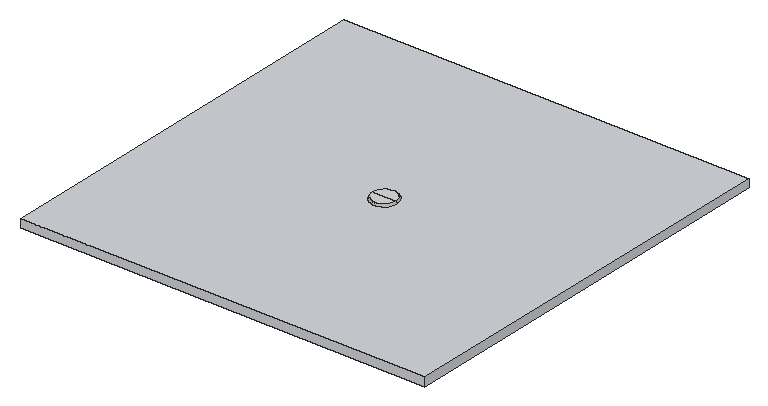
Revit family "Speaker-Ceiling-TOA-F-1522 clean", category Communication Devices, host Face, Revit 2013
Parameters (values of type "4"")
  Width = Grille Diameter  # 6.102"
  Weight Product = 2.2
  Voltage [instance] = 70 V
  URL = "http://www.toaelectronics.com"
  Type Comments = "F-1522SC"
  Transformer Option = yes
  Sensitivity = 88
  SPL Measurement Bandwidth = "65 to 18k Hz"
  Regulatory Compliance = "UL"
  Product Page URL = "http://www.toaelectronics.com/products/PA-Speakers/ceiling-speakers/f-series-ceiling-speakers/f-1522sc"
  Product Name = "F-1522SC"
  Product Documentation Link = "http://www.toaelectronics.com/media/f1522sc_sa1e.pdf"
  Power Factor [instance] = 0.9
  Mounting Options = "Ceiling Reinforcement Ring"
  Model = Product Name  # "F-1522SC"
  Maximum Ceiling Thickness = 1.457"  # constant formula
  Manufacturer URL = "http://www.toaelectronics.com"
  Long Term Power Handling = "18 W"
  Length 1 = Grille Radius - 0.11811"  # 2.93289"
  IQ Category = "Speaker"
  Highlight Material = Paint - TOA - White
  Height = 4.606"
  Grille Radius = Grille Diameter / 2  # 3.051"
  Operating Weight = 2.20 lbf
  Offset = 0.000"
  Number of Poles [instance] = 2
  Manufacturer = "TOA Electronics Inc."
  Load Classification = Other
  Grille Material = Mesh - TOA - White
  Grille Diameter = 6.102"
  Grille Height = 0.433"
  Description = "COMPACT FULL-RANGE CEILING SPEAKER (4”)"
  Default Elevation = 48.000"
  Coverage Vertical = 160.00°
  Coverage Horizontal = 160.00°
  Body Radius = Body Diameter / 2  # 2.6575"
  Bag Material = Fabric - TOA - Black
  Body Diameter = 5.315"
  Assembly Code = "E1020300"
  Apparent Load [instance] = 18 VA
  70V Taps = "6W, 3W & 1.5W"
  25V Taps = "0.75W, 0.4 W & 0.2 W"
  100V Taps = "6W & 3W"
Reference planes (in)
  plane 1 "Center (Front/Back)": y = 0
  plane 2: z = 0
  plane 3 "Center (Left/Right)": x = 0
  plane 4 "Left": x = -3.051
  plane 5 "Right": x = 3.051
  plane 6 "Front": y = -3.051
  plane 7 "Back": y = 3.051
  plane 8 "Bottom": z = 0.433
  plane 9 "body left": x = -2.6575
  plane 10 "body right": x = 2.6575
  plane 11 "body front": y = -2.6575
  plane 12 "body back": y = 2.6575
  plane 13 "plate top": z = 0
  plane 14 "Top": z = -4.173
  plane 15 "Speaker CL": x = 0
  plane 16: x = 0
  plane 17 "2d bottom": z = 0.0393
Forms (in)
  Extrusion 1, solid
    sketch origin (0, 0, 0) x (1, 0, 0) y (0, 1, 0)
      loop
        line (-48, 48) -> (-48, -48) -> (48, -48) -> (48, 48) -> (-48, 48)
    from 0 to -2
  Extrusion 2, void
    sketch origin (0, 0, -2) x (0, 1, 0) y (-1, 0, 0)
      loop
        circle (0, 0) r 2.6575
    from -6.202 to 2.433
  Revolve 3, solid, material "Fabric - TOA - Black" <- "Bag Material"
    sketch origin (0, 0, 0) x (1, 0, 0) y (0, 0, 1)
      loop
        line (0, 0.433) -> (-2.80101, 0.433) -> (-3.051, 0) -> (0, 0) -> (0, 0.433)
      axis (0, 0.433) -> (0, 0)
    angle from 0 to 360
  Revolve 4, solid, material "Fabric - TOA - Black" <- "Bag Material"
    sketch origin (0, 0, 0) x (1, 0, 0) y (0, 0, 1)
      loop
        arc (-2.6575, 0) -> (-2.73564, -1.10554) -> (-3.00622, -2.1803) r 6.30247
        arc (-3.00622, -2.1803) -> (-2.81195, -3.54218) -> (-1.58945, -4.173) r 1.5
        line (-1.58945, -4.173) -> (0, -4.173) -> (0, 0) -> (-2.6575, 0)
      axis (0, 0) -> (0, -4.173)
    angle from 0 to 360
  Extrusion 5, solid, material "Fabric - TOA - Black" <- "Bag Material", not visible
    sketch origin (0, 0, 0.433) x (-1, 0, 0) y (0, -1, 0)
      loop
        circle (0, 0) r 0.5
    from -4.606 to -0.433
Lines and regions (in)
  Masking region 1, detail levels medium+fine
    outline origin (0, 0, 1.514) x (-1, 0, 0) y (0, -1, 0)
      loop
        circle (0, 0) r 3.051
  Masking region 2, detail levels medium+fine
    outline origin (0, 0, -4.173) x (-1, 0, 0) y (0, -1, 0)
      loop
        circle (0, 0) r 2.6575
  Masking region 3
    outline origin (0, 0, 0) x (0, 1, 0) y (0, 0, 1)
      loop
        line (3.051, 0) -> (2.80101, 0.433) -> (-2.80101, 0.433) -> (-3.051, 0) -> (-2.6575, 0) -> (-2.6575, -0.28873)
        arc (-2.6575, -0.28873) -> (-2.74127, -1.23655) -> (-2.98998, -2.15498) r 5.40402
        arc (-2.98998, -2.15498) -> (-2.81251, -3.53119) -> (-1.58227, -4.173) r 1.5
        line (-1.58227, -4.173) -> (1.58227, -4.173)
        arc (1.58227, -4.173) -> (2.81251, -3.53119) -> (2.98998, -2.15498) r 1.5
        arc (2.98998, -2.15498) -> (2.74127, -1.23655) -> (2.6575, -0.28873) r 5.40402
        line (2.6575, -0.28873) -> (2.6575, 0) -> (3.051, 0)
  Masking region 4, detail levels medium+fine
    outline origin (0, 0, 0.0393) x (0, -1, 0) y (1, 0, 0)
      loop
        circle (0, 0) r 3.051
  Masking region 5
    outline origin (0, 0, 0) x (1, 0, 0) y (0, 0, 1)
      loop
        line (-3.051, 0) -> (-2.6575, 0) -> (-2.6575, -0.28873)
        arc (-2.6575, -0.28873) -> (-2.74127, -1.23655) -> (-2.98998, -2.15498) r 5.40402
        arc (-2.98998, -2.15498) -> (-2.81251, -3.53119) -> (-1.58227, -4.173) r 1.5
        line (-1.58227, -4.173) -> (1.58227, -4.173)
        arc (1.58227, -4.173) -> (2.81251, -3.53119) -> (2.98998, -2.15498) r 1.5
        arc (2.98998, -2.15498) -> (2.74127, -1.23655) -> (2.6575, -0.28873) r 5.40402
        line (2.6575, -0.28873) -> (2.6575, 0) -> (3.051, 0) -> (2.80101, 0.433) -> (-2.80101, 0.433) -> (-3.051, 0)
  symbolic lines
    curve 1: line (-3.051, 0, 0) -> (2.6575, 0, 0)
    curve 2: line (0, 1.93459, 0) -> (0, -1.94482, 0)
    curve 4: line (0.3502, 0, -4.173) -> (0.6651, 0, -4.173)
    curve 5: line (0, 1.27467, -4.173) -> (0, -1.47533, -4.173)
  symbolic lines, detail levels medium+fine
    curve 3: circle (0, 0, 0.433) r 2.93289 normal (0, 0, 1)
Dimensions and locks (in)
  equal spacing: plane 4 "Left", plane 15 "Speaker CL", plane 5 "Right"
  "Width": plane 4 "Left" to plane 5 "Right"
  equal spacing: plane 7 "Back", plane 1 "Center (Front/Back)", plane 6 "Front"
  "Width": plane 7 "Back" to plane 6 "Front"
  equal spacing: plane 9 "body left", plane 15 "Speaker CL", plane 10 "body right"
  "Body Diameter": plane 9 "body left" to plane 10 "body right"
  equal spacing: plane 12 "body back", plane 1 "Center (Front/Back)", plane 11 "body front"
  "Body Diameter": plane 12 "body back" to plane 11 "body front"
  "Grille Height": plane 8 "Bottom" to plane 13 "plate top"
  "Offset": plane 13 "plate top" to level
  "Height": plane 8 "Bottom" to plane 14 "Top"
  locked: plane 8 "Bottom" to plane 17 "2d bottom" at 0.3937
  "Body Radius": radius of Extrusion 2 sketch curve
  "Grille Radius": radius of Masking region 1 sketch curve
  "Body Radius": radius of Masking region 2 sketch curve
  "Grille Radius": radius of Masking region 4 sketch curve
  "Length 1": radius of curve 3
  aligned and locked: plane 2 to Extrusion 1
  aligned and locked: level to Extrusion 1
  aligned and locked: plane 15 "Speaker CL" to Extrusion 2 sketch curve
  aligned and locked: plane 1 "Center (Front/Back)" to Extrusion 2 sketch curve
  aligned and locked: plane 8 "Bottom" to Extrusion 2
  aligned and locked: Revolve 3 sketch curve to plane 15 "Speaker CL"
  aligned and locked: plane 13 "plate top" to Revolve 3 sketch curve
  aligned and locked: Revolve 3 sketch curve to Revolve 3 sketch curve
  aligned and locked: plane 4 "Left" to Revolve 3 sketch curve
  aligned and locked: plane 15 "Speaker CL" to plane 16
  aligned and locked: plane 15 "Speaker CL" to Masking region 1 sketch curve
  aligned and locked: plane 1 "Center (Front/Back)" to Masking region 1 sketch curve
  aligned and locked: plane 15 "Speaker CL" to Masking region 2 sketch curve
  aligned and locked: plane 1 "Center (Front/Back)" to Masking region 2 sketch curve
  aligned and locked: plane 3 "Center (Left/Right)" to nested 1
  aligned and locked: plane 16 to Masking region 4 sketch curve
  aligned and locked: plane 1 "Center (Front/Back)" to Masking region 4 sketch curve
  aligned and locked: plane 16 to curve 3
  aligned and locked: plane 1 "Center (Front/Back)" to curve 3
  aligned and locked: plane 3 "Center (Left/Right)" to plane 16
  aligned and locked: Revolve 4 sketch curve to plane 15 "Speaker CL"
  aligned and locked: Revolve 4 sketch curve to plane 13 "plate top"
  aligned and locked: Revolve 4 sketch curve to Revolve 4 sketch curve
  aligned and locked: plane 14 "Top" to Revolve 4 sketch curve
  aligned and locked: Masking region 5 sketch curve to plane 13 "plate top"
  aligned and locked: Masking region 5 sketch curve to Masking region 5 sketch curve
  aligned and locked: plane 10 "body right" to Masking region 5 sketch curve
  aligned and locked: Masking region 5 sketch curve to plane 9 "body left"
  aligned and locked: plane 4 "Left" to Masking region 5 sketch curve
  aligned and locked: plane 5 "Right" to Masking region 5 sketch curve
  aligned and locked: Masking region 5 sketch curve to plane 14 "Top"
  aligned and locked: plane 4 "Left" to curve 1
  aligned and locked: plane 10 "body right" to curve 1
  aligned and locked: Masking region 3 sketch curve to Masking region 3 sketch curve
  aligned and locked: Masking region 3 sketch curve to plane 14 "Top"
  aligned and locked: Masking region 3 sketch curve to plane 11 "body front"
  aligned and locked: plane 12 "body back" to Masking region 3 sketch curve
  aligned and locked: plane 7 "Back" to Masking region 3 sketch curve
  aligned and locked: Masking region 3 sketch curve to plane 13 "plate top"
  aligned and locked: plane 6 "Front" to Masking region 3 sketch curve
  aligned and locked: plane 16 to Extrusion 5 sketch curve
  aligned and locked: plane 1 "Center (Front/Back)" to Extrusion 5 sketch curve
  aligned and locked: Extrusion 5 to plane 14 "Top"
  aligned and locked: level to Extrusion 5
  aligned and locked: Masking region 5 sketch curve to plane 8 "Bottom"
  aligned and locked: Masking region 3 sketch curve to plane 8 "Bottom"
Automatic sketch dimensions
  Extrusion 1 sketch curve to Extrusion 1 sketch curve = 96.000"  (x2)
  Revolve 3 sketch curve to Revolve 3 sketch curve = 4.13199"
  curve 2 to level = 0.000"
  plane 11 "body front" to curve 2 = 0.71268"
  plane 1 "Center (Front/Back)" to curve 5 = 1.47533"
  curve 5 to plane 1 "Center (Front/Back)" = 1.27467"
  curve 2 to plane 12 "body back" = 0.72291"
  Revolve 4 sketch curve to plane 9 "body left" = 0.000"
  plane 9 "body left" to Revolve 4 sketch curve = 1.06805"
  Revolve 4 sketch curve to level = 0.11016"
  Revolve 4 sketch curve to plane 4 "Left" = 5.90801"
  plane 4 "Left" to Revolve 4 sketch curve = 0.04478"
  Revolve 4 sketch curve to plane 14 "Top" = 11.26436"
  plane 8 "Bottom" to Revolve 4 sketch curve = 8.87964"
  curve 4 to plane 14 "Top" = 0.000"
  curve 1 to level = 0.000"
  plane 3 "Center (Left/Right)" to curve 4 = 0.3502"
  curve 4 to curve 4 = 0.31491"
  curve 5 to plane 14 "Top" = 0.000"
  Revolve 3 sketch curve to plane 8 "Bottom" = 0.000"
  plane 4 "Left" to Revolve 3 sketch curve = 0.24999"
  Revolve 3 sketch curve to plane 14 "Top" = 9.77856"
  plane 9 "body left" to Masking region 5 sketch curve = 1.07523"
  Masking region 5 sketch curve to level = 0.28873"  (x2)
  Masking region 5 sketch curve to plane 10 "body right" = 1.07523"
  Masking region 5 sketch curve to plane 4 "Left" = 5.01052"
  plane 4 "Left" to Masking region 5 sketch curve = 0.06102"
  Masking region 5 sketch curve to plane 9 "body left" = 0.14351"
  plane 10 "body right" to Masking region 5 sketch curve = 0.14351"
  Masking region 5 sketch curve to plane 5 "Right" = 0.06102"
  Masking region 5 sketch curve to Masking region 5 sketch curve = 0.000"
  plane 11 "body front" to Masking region 3 sketch curve = 1.07523"
  Masking region 3 sketch curve to level = 0.28873"  (x2)
  Masking region 3 sketch curve to plane 12 "body back" = 1.07523"
  Masking region 3 sketch curve to plane 6 "Front" = 5.01052"
  plane 6 "Front" to Masking region 3 sketch curve = 0.06102"
  plane 6 "Front" to Masking region 3 sketch curve = 0.24999"
  plane 12 "body back" to Masking region 3 sketch curve = 0.14351"
  Masking region 3 sketch curve to plane 7 "Back" = 0.06102"
  Masking region 3 sketch curve to Masking region 3 sketch curve = 0.000"
  radius of Extrusion 5 sketch curve = 0.500"
Nested families (in)
  nested 1: "Speaker_Symbol_Face_Based" at (0, 0, 0), type "Speaker Symbol", detail levels coarse
    with Wall Mounted no, Symbol Y Offset 0.000", Symbol X Offset 0.000", Length 2 100.000", Length 1 100.000"
Connectors (in)
  electrical at (0, 0, -4.173), driven by "Number of Poles", driven by "Load Classification", driven by "Voltage", driven by "Apparent Load", driven by "Power Factor"
    settings: on Extrusion 5, index 1, voltage 70 V, apparent load 18 VA, apparent load phase1 0 VA, apparent load phase2 0 VA, apparent load phase3 0 VA, power factor 0.9, load classification "Other", number of poles 2, system type 30, power factor state 1, is connector primary yes, connector utility no, sub classification motor no, connector description "Power"
Definition of nested family "Speaker_Symbol_Face_Based"
  Parameters (values of type "Speaker Symbol")
    Wall Mounted [instance] = no
    Symbol Y Offset [instance] = 0.000"
    Symbol X Offset [instance] = 0.000"
    Length 2 [instance] = 100.000" + Symbol Y Offset  # 100.000"
    Length 1 [instance] = Symbol X Offset + 100.000"  # 100.000"
    Default Elevation = 48.000"
  Reference planes (in)
    plane 1 "Center (Front/Back)": y = 0
    plane 2: z = 0
    plane 3 "Center (Left/Right)": x = 0
    plane 4 "pivot x": x = -100
    plane 5 "symbol x cl": x = 0
    plane 6 "pivot y": y = -100
    plane 7 "symbol y cl": y = 0
  Forms (in)
    Extrusion 1, solid
      sketch origin (0, 0, 0) x (1, 0, 0) y (0, 1, 0)
        loop
          line (-48, 48) -> (-48, -48) -> (48, -48) -> (48, 48) -> (-48, 48)
      from 0 to -12
  Dimensions and locks (in)
    locked: plane 4 "pivot x" to plane 3 "Center (Left/Right)" at 100
    "Length 1": plane 4 "pivot x" to plane 5 "symbol x cl"
    locked: plane 1 "Center (Front/Back)" to plane 6 "pivot y" at 100
    "Length 2": plane 7 "symbol y cl" to plane 6 "pivot y"
    aligned and locked: plane 2 to Extrusion 1
    aligned and locked: level to Extrusion 1
    aligned and locked: plane 5 "symbol x cl" to nested 1
    aligned and locked: nested 1 to plane 7 "symbol y cl"
  Automatic sketch dimensions
    Extrusion 1 sketch curve to Extrusion 1 sketch curve = 96.000"  (x2)
  Nested families (in)
    nested 1: "Speaker_Symbol" at (0, 0, 0), Wall Mounted <- "Wall Mounted", type "S"
      with Wall Mounted no, Not Wall Mounted yes, Length 1 0.000"
  Definition of nested family "Speaker_Symbol"
    Parameters (values of type "S")
      Wall Mounted [instance] = yes
      Symbol Text = "SP"
      Symbol Radius = 0.1875"
      Not Wall Mounted [instance] = not(Wall Mounted)  # no
      Length 1 [instance] = if(Wall Mounted, 0.250", 0.000")  # 0.250"
    Reference planes (in)
      plane 1: y = 0
      plane 2: x = 0
    Lines and regions (in)
      Masking region 1
        outline origin (0, 0, 0) x (1, 0, 0) y (0, 1, 0)
          loop
            circle (0, 0.25) r 0.1875
      detail lines, visible <- "Wall Mounted"
        curve 1: line (-0.125, 0, 0) -> (0.125, 0, 0)
        curve 2: line (0, 0, 0) -> (0, 0.0625, 0)
    Text (in)
      label "S" at (0.00112, 0.31502, 0), shows "Symbol Text", visible <- "Wall Mounted"
      label "S" at (0.00112, 0.07558, 0), shows "Symbol Text", visible <- "Not Wall Mounted"
    Dimensions and locks (in)
      "Length 1": plane 1 to Masking region 1 sketch curve
      "Symbol Radius": radius of Masking region 1 sketch curve
      aligned and locked: plane 2 to Masking region 1 sketch curve
      aligned and locked: curve 1 to curve 2
      aligned and locked: curve 2 to plane 2
      aligned and locked: plane 1 to curve 1
    Automatic sketch dimensions
      curve 1 to plane 2 = 0.125"
      plane 2 to curve 1 = 0.125"
      curve 2 to curve 2 = 0.0625"
